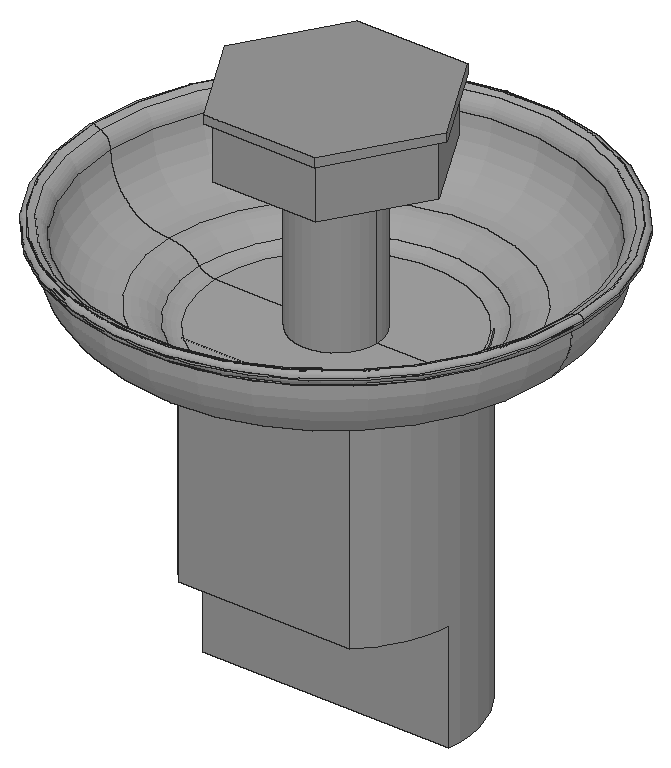
Revit family "Washfountain_Willoughby-WWF-3606-FLR-JR", category Plumbing Fixtures, Revit 2015
Parameters (values of type "Standard")
  Waste DIA = 2"
  Waste Connection = yes
  Vent Connection = no
  URL = "https://www.willoughby-ind.com/wp-content/uploads/2018/01/WWF-3606.pdf"
  Solid Surface Sink = Solid Surface Acrylic Resin-Willoughby
  Revision = "A"
  Model = "WAF-3606-FLR-JR"
  Manufacturer = "Willoughby Industries"
  Keynote = ""
  HW Connection = yes
  HCW DIA = 1/2"
  Fixture Body = Stainless Steel AISI 304-Willoughby
  Description = "Six Station round Washfountain, Floor Mounted, Junior Height"
  Default Elevation = 0' - 0"
  Contact = "(800) 428-4065"
  CW Connection = yes
Reference planes (in)
  plane 1 "Center (Front/Back)": y = 0
  plane 2: z = 0
  plane 3 "Center (Left/Right)": x = 0
  plane 4: z = 34
  plane 5: z = 42.5
  plane 6: z = 42
  plane 7: z = 38
  plane 8: z = 26.5
  plane 9: x = 18
  plane 10: x = -18
  plane 11: z = 25.5
  plane 12: x = 8.25
  plane 13: x = -8.25
  plane 14: x = 7.25
  plane 15: y = -6.5
  plane 16: y = -5.04234
  plane 17: y = -0.875
Forms (in)
  Revolve 1, solid, material "Solid Surface Acrylic Resin-Willoughby" <- "Solid Surface Sink"
    sketch origin (0, 0, -3) x (1, 0, 0) y (0, 0, 1)
      loop
        line (-18, 33.683) -> (-18, 33.56644)
        arc (-18, 33.56644) -> (-17.91323, 33.3196) -> (-17.6911, 33.18136) r 0.39447
        line (-17.6911, 33.18136) -> (-17.4375, 33.125)
        arc (-17.4375, 33.125) -> (-17.25573, 32.97535) -> (-17.1875, 32.75) r 0.40625
        arc (-17.1875, 32.75) -> (-15.72303, 29.21447) -> (-12.1875, 27.75) r 5
        arc (-12.1875, 27.75) -> (-11.25104, 27.5363) -> (-10.5, 26.9375) r 2.15865
        arc (-10.5, 26.9375) -> (-9.72359, 26.42847) -> (-8.8125, 26.25) r 2.41477
        line (-8.8125, 26.25) -> (0, 26.25) -> (0, 27) -> (-8.8125, 27)
        arc (-8.8125, 27) -> (-9.42263, 27.11584) -> (-9.94786, 27.44722) r 1.66477
        arc (-9.94786, 27.44722) -> (-10.95013, 28.22368) -> (-12.1875, 28.5) r 2.90865
        arc (-12.1875, 28.5) -> (-15.1927, 29.7448) -> (-16.4375, 32.75) r 4.25
        arc (-16.4375, 32.75) -> (-16.63169, 33.39137) -> (-17.14904, 33.81731) r 1.15625
        line (-17.14904, 33.81731) -> (-17.62233, 34.01451) -> (-17.66849, 34.01451)
        arc (-17.66849, 34.01451) -> (-17.9029, 33.91742) -> (-18, 33.683) r 0.33151
      axis (0, 34.01451) -> (0, 26.25)
    angle from 0 to 360
  Revolve 2, solid, material "Stainless Steel AISI 304-Willoughby" <- "Fixture Body"
    sketch origin (0, 0, -3) x (1, 0, 0) y (0, 0, 1)
      loop
        line (0, 26.9375) -> (0, 38) -> (-3, 38) -> (-3, 26.9375) -> (0, 26.9375)
      axis (0, 38) -> (0, 26.9375)
    angle from 0 to 360
  Extrusion 3, solid, material "Stainless Steel AISI 304-Willoughby" <- "Fixture Body"
    sketch origin (65.34541, 0, 39) x (1, 0, 0) y (0, 1, 0)
      loop
        line (-61.59541, 6.5) -> (-69.09541, 6.5) -> (-72.84541, 0) -> (-69.09541, -6.5) -> (-61.59541, -6.5) -> (-57.84541, 0) -> (-61.59541, 6.5)
    from -0.125 to -4
  Extrusion 4, solid, material "Stainless Steel AISI 304-Willoughby" <- "Fixture Body"
    sketch origin (65.34541, 0, 39) x (1, 0, 0) y (0, 1, 0)
      loop
        line (-69.38419, 7) -> (-73.42265, 0) -> (-69.3812, -7) -> (-61.30663, -7) -> (-57.26672, 0.0025) -> (-61.30673, 7) -> (-69.38419, 7)
    from -0.125 to 0.5
  Extrusion 5, solid, material "Stainless Steel AISI 304-Willoughby" <- "Fixture Body"
    sketch origin (0, 0, 0) x (1, 0, 0) y (0, 1, 0)
      loop
        line (-6.22495, -6.5) -> (6.22495, -6.5)
        arc (6.22495, -6.5) -> (0, 9) -> (-6.22495, -6.5) r 9
    from 0 to 24
  Extrusion 6, void
    sketch origin (0, 0, 0) x (1, 0, 0) y (0, 0, 1)
      loop
        line (-10.25, 0) -> (11.75, 0) -> (11.75, 8) -> (-10.25, 8) -> (-10.25, 0)
    from 0.875 to 6.5
  Extrusion 7, solid, material "Stainless Steel AISI 304-Willoughby" <- "Fixture Body", detail levels medium+fine
    sketch origin (-2, 0, 0) x (1, 0, 0) y (0, 1, 0)
      loop
        circle (2, 2) r 0.25
    from 3 to 6
  Extrusion 8, solid, material "Stainless Steel AISI 304-Willoughby" <- "Fixture Body", detail levels medium+fine
    sketch origin (-2, 0, 0) x (1, 0, 0) y (0, 1, 0)
      loop
        circle (2, 6) r 0.25
    from 3 to 6
  Extrusion 9, solid, material "Stainless Steel AISI 304-Willoughby" <- "Fixture Body", detail levels medium+fine
    sketch origin (-1, 0, 0) x (1, 0, 0) y (0, 1, 0)
      loop
        circle (5, 2) r 1
    from 3 to 6
Cuts and joins
  Extrusion 6 cuts Extrusion 5
Lines and regions (in)
  symbolic lines
    curve 1: circle (0, 0, 0) r 18 normal (0, 0, 1)
    curve 3: circle (0, 0, 0) r 9.94786 normal (0, 0, 1)
    curve 4: line (-8.07724, 0, 0) -> (-4.03878, 7, 0)
    curve 5: line (-4.03878, 7, 0) -> (4.03868, 7, 0)
    curve 6: line (4.03868, 7, 0) -> (8.07868, 0.0025, 0)
    curve 7: line (8.07868, 0.0025, 0) -> (4.03878, -7, 0)
    curve 8: line (4.03878, -7, 0) -> (-4.03579, -7, 0)
    curve 9: line (-4.03579, -7, 0) -> (-8.07724, 0, 0)
    curve 10: line (-9.04264, 0, 0) -> (8.95736, 0, 0)
    curve 11: line (8.95736, 0, 0) -> (8.95736, 0, 26.25)
    curve 12: line (8.95736, 0, 26.25) -> (-9.04264, 0, 26.25)
    curve 13: line (-9.04264, 0, 26.25) -> (-9.04264, 0, 0)
    curve 14: line (8.07868, 0, 42.5) -> (-8.07724, 0, 42.5)
    curve 15: line (-8.07724, 0, 42.5) -> (-8.07724, 0, 42)
    curve 16: line (-8.07724, 0, 42) -> (8.07868, 0, 42)
    curve 17: line (7.5, 0, 42) -> (7.5, 0, 38)
    curve 18: line (7.5, 0, 38) -> (-7.5, 0, 38)
    curve 19: line (-7.5, 0, 38) -> (-7.5, 0, 42)
    curve 20: line (-3, 0, 38) -> (-3, 0, 34)
    curve 21: line (3, 0, 38) -> (3, 0, 34)
    curve 22: line (17.67433, 0, 34.01451) -> (-17.66849, 0, 34.01451)
    curve 23: arc (-17.66849, 0, 34.01451) -> (-17.92636, 0, 33.89427) -> (-18, 0, 33.61943) r 0.33663
    curve 24: arc (-18, 0, 33.61943) -> (-17.97806, 0, 33.43117) -> (-17.87385, 0, 33.27285) r 0.41033
    curve 25: arc (-17.87385, 0, 33.27285) -> (-17.74517, 0, 33.19041) -> (-17.59532, 0, 33.16032) r 0.41362
    curve 26: arc (-17.59532, 0, 33.16032) -> (-17.51668, 0, 33.14146) -> (-17.4375, 0, 33.125) r 2.66966
    curve 27: arc (-17.4375, 0, 33.125) -> (-17.23421, 0, 32.93784) -> (-17.18322, 0, 32.66626) r 0.4385
    curve 28: arc (-17.18322, 0, 32.66626) -> (-15.63891, 0, 29.13199) -> (-12.04022, 0, 27.74442) r 5.00648
    curve 29: arc (-12.04022, 0, 27.74442) -> (-11.18671, 0, 27.50015) -> (-10.5, 0, 26.9375) r 2.19282
    curve 30: arc (-10.5, 0, 26.9375) -> (-9.82814, 0, 26.4733) -> (-9.04264, 0, 26.25) r 2.50368
    curve 31: arc (8.95736, 0, 26.25) -> (9.79067, 0, 26.45465) -> (10.5, 0, 26.9375) r 2.41744
    curve 32: arc (10.5, 0, 26.9375) -> (11.26785, 0, 27.55102) -> (12.23139, 0, 27.74486) r 2.08608
    curve 33: arc (12.23139, 0, 27.74486) -> (15.73139, 0, 29.19461) -> (17.18114, 0, 32.69461) r 4.94975
    curve 34: arc (17.18114, 0, 32.69461) -> (17.25008, 0, 32.94509) -> (17.4375, 0, 33.125) r 0.48946
    curve 35: line (17.4375, 0, 33.125) -> (17.71259, 0, 33.18851)
    curve 36: arc (17.71259, 0, 33.18851) -> (17.93508, 0, 33.33858) -> (18, 0, 33.59897) r 0.37443
    curve 37: arc (18, 0, 33.59897) -> (17.99143, 0, 33.75232) -> (17.92701, 0, 33.89173) r 0.4098
    curve 38: arc (17.92701, 0, 33.89173) -> (17.81625, 0, 33.98519) -> (17.67433, 0, 34.01451) r 0.29453
    curve 39: line (-9.04264, 0, 8) -> (8.95736, 0, 8)
    curve 40: line (8.07868, 0, 42.5) -> (8.07868, 0, 42)
    curve 41: line (0, 7, 42) -> (0, 7, 42.5)
    curve 42: line (0, 7, 42.5) -> (0, -7, 42.5)
    curve 43: line (0, -7, 42.5) -> (0, -7, 42)
    curve 44: line (0, -7, 42) -> (0, -6.5, 42)
    curve 45: line (0, -6.5, 42) -> (0, -6.5, 38)
    curve 46: line (0, -6.5, 38) -> (0, 6.5, 38)
    curve 47: line (0, 6.5, 38) -> (0, 6.5, 42)
    curve 48: line (0, 6.5, 42) -> (0, -6.5, 42)
    curve 49: line (0, -3, 38) -> (0, -3, 34.01451)
    curve 50: line (0, 3, 38) -> (0, 3, 34)
    curve 51: line (0, 17.66849, 34.01451) -> (0, -17.66849, 34.01451)
    curve 52: arc (0, -17.66849, 34.01451) -> (0, -17.92581, 33.89452) -> (0, -17.99929, 33.62028) r 0.33591
    curve 53: arc (0, -17.99929, 33.62028) -> (0, -17.93731, 33.3533) -> (0, -17.71862, 33.18808) r 0.40203
    curve 54: line (0, -17.71862, 33.18808) -> (0, -17.4375, 33.125)
    curve 55: arc (0, -17.4375, 33.125) -> (0, -17.23481, 32.93084) -> (0, -17.18719, 32.65424) r 0.44855
    curve 56: arc (0, -17.18719, 32.65424) -> (0, -15.65505, 29.14933) -> (0, -12.09881, 27.74044) r 5.02154
    curve 57: arc (0, -12.09881, 27.74044) -> (0, -11.20138, 27.53416) -> (0, -10.5, 26.9375) r 1.94108
    curve 58: arc (0, -10.5, 26.9375) -> (0, -9.75438, 26.45468) -> (0, -8.88912, 26.25372) r 2.57687
    curve 59: line (0, -8.88912, 26.25372) -> (0, 9.00309, 26.25372)
    curve 60: arc (0, 9.00309, 26.25372) -> (0, 9.81057, 26.4664) -> (0, 10.5, 26.9375) r 2.45425
    curve 61: arc (0, 10.5, 26.9375) -> (0, 11.23447, 27.53322) -> (0, 12.15608, 27.74523) r 2.09481
    curve 62: arc (0, 12.15608, 27.74523) -> (0, 15.7149, 29.21933) -> (0, 17.189, 32.77815) r 5.03292
    curve 63: arc (0, 17.189, 32.77815) -> (0, 17.25754, 32.99149) -> (0, 17.4375, 33.125) r 0.36632
    curve 64: line (0, 17.4375, 33.125) -> (0, 17.68109, 33.18124)
    curve 65: arc (0, 17.68109, 33.18124) -> (0, 17.92783, 33.34455) -> (0, 18.00691, 33.62968) r 0.42245
    curve 66: arc (0, 18.00691, 33.62968) -> (0, 17.92472, 33.89863) -> (0, 17.66849, 34.01451) r 0.34122
    curve 67: line (0, 9.00309, 26.25372) -> (0, 9.00309, 0)
    curve 68: line (0, 9.00309, 0) -> (0, -0.875, 0)
    curve 69: line (0, -0.875, 0) -> (0, -0.875, 8)
    curve 70: line (0, -0.875, 8) -> (0, -6.5, 8)
    curve 71: line (0, -6.5, 8) -> (0, -6.5, 26.25372)
  symbolic lines, detail levels fine
    curve 2: circle (0, 0, 0) r 16.5 normal (0, 0, 1)
Dimensions and locks (in)
  plane 7 to plane 6 = 0' - 4"
  plane 11 to plane 8 = 0' - 1"  (x2)
  Revolve 1 sketch curve to plane 11 to plane 4 = 0' - 2 1/4", 0' - 8 1/2"
  plane 13 to plane 14 = 1' - 3 1/2"
  aligned and locked: Revolve 2 sketch curve to Revolve 2 sketch curve  (x2)
  aligned and locked: plane 17 to Extrusion 6
  aligned and locked: curve 39 to cut or joined group of Extrusion 5, Extrusion 6
  aligned and locked: Extrusion 3 to Extrusion 4
Connectors (in)
  piping at (0, 6, 3), diameter 0.5, driven by "HCW DIA", driven by "HW Connection"
    settings: on Extrusion 8, index 1, connector inside diameter 24", connector length 0' - 0", flow factor 0, pipe flow 0 GPM, pressure drop 0.00 psi, fitting loss kfactor 0, connector angle 0.00°, fixture units 0, engagement length 0' - 0", angle of deflection 0.00°, flow configuration 0, flow direction 1, fitting loss method 0, system type 19, joint type 0, gender type 0, connector reference index -1, connector utility 1, adjustable connector no, is connector primary yes, connector description "HW Inlet"
  piping at (0, 2, 3), diameter 0.5, driven by "HCW DIA", driven by "CW Connection"
    settings: on Extrusion 7, index 2, connector inside diameter 24", connector length 0' - 0", flow factor 0, pipe flow 0 GPM, pressure drop 0.00 psi, fitting loss kfactor 0, connector angle 0.00°, fixture units 0, engagement length 0' - 0", angle of deflection 0.00°, flow configuration 0, flow direction 1, fitting loss method 0, system type 20, joint type 0, gender type 0, connector reference index -1, connector utility 1, adjustable connector no, is connector primary no, connector description "CW Inlet"
  piping at (4, 2, 3), diameter 2, driven by "Waste DIA", driven by "Waste Connection"
    settings: on Extrusion 9, index 3, connector inside diameter 24", connector length 0' - 0", flow factor 0, pipe flow 0 GPM, pressure drop 0.00 psi, fitting loss kfactor 0, connector angle 0.00°, fixture units 0, engagement length 0' - 0", angle of deflection 0.00°, flow configuration 0, flow direction 2, fitting loss method 0, system type 16, joint type 0, gender type 0, connector reference index -1, connector utility 1, adjustable connector no, is connector primary no, connector description "Sink Waste"
